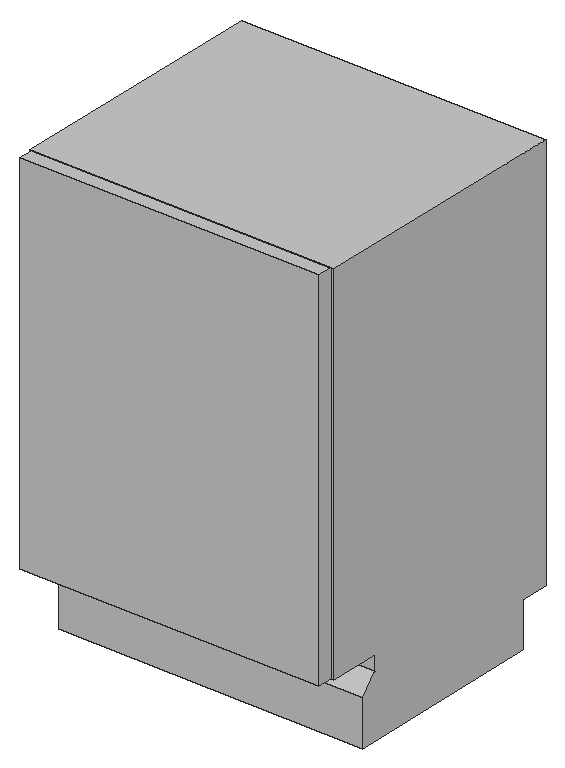
Revit family "DF480763F", category Generic Models, Revit 2014
Parameters (values of type "DF480763F")
  Width = 598 mm
  URL = "http://www.gaggenau.com."
  Model = "DF480763F"
  Manufacturer = "Gaggenau"
  Height = 877 mm
  Handle = Metal Panel
  Fridge = Metal Panel
  Door = Metal Panel
  Description = "Gaggenau 400 series push-to-open dishwasher, Euro tub, 8 programs, 3rd rack, soft-closing, back wall lighting, FLEXIBLE HINGE"
  Depth = 550 mm
Reference planes
  plane 1 "Center (Front/Back)": y = 0
  plane 2: z = 0
  plane 3 "Center (Left/Right)": x = 0
  plane 4: x = -299
  plane 5: x = 299
  plane 6: z = 877
  plane 7: z = 152
  plane 8: z = 89
  plane 9: z = 20
  plane 10: y = 275
  plane 11: y = -275
Forms (mm)
  Extrusion 1, solid, material "Metal Panel" <- "Fridge"
    sketch origin (0, 0, 0) x (0, 1, 0) y (0, 0, 1)
      loop
        line (275, 89) -> (275, 877) -> (-246.075, 877) -> (-246.075, 152) -> (-146.075, 152) -> (-146.075, 123.472) -> (-175, 89) -> (-175, 0) -> (220, 0) -> (220, 89) -> (275, 89)
    from -299 to 299
  Extrusion 2, solid, material "Metal Panel" <- "Door"
    sketch origin (0, 0, 0) x (0, 1, 0) y (0, 0, 1)
      loop
        line (-275, 877) -> (-275, 152) -> (-246.075, 152) -> (-246.075, 877) -> (-275, 877)
    from -295.471 to 293.529
Dimensions and locks
  "Width": plane 4 to plane 5
  equal spacing: plane 4, plane 3 "Center (Left/Right)", plane 5
  "Height": plane 6 to level
  plane 7 to plane 2 = 152 mm
  plane 6 to plane 7 = 725 mm
  equal spacing: plane 10, plane 1 "Center (Front/Back)", plane 11
  "Depth": plane 10 to plane 11
  aligned and locked: level to plane 2
  aligned and locked: plane 6 to Extrusion 2
Automatic sketch dimensions
  Extrusion 1 sketch curve to plane 6 = 0 mm
  Extrusion 1 sketch curve to plane 7 = 0 mm
  Extrusion 1 sketch curve to plane 8 = 0 mm  (x2)
  Extrusion 1 sketch curve to level = 0 mm
  Extrusion 1 sketch curve to plane 10 = 0 mm
  Extrusion 1 sketch curve to plane 10 = 55 mm
  plane 11 to Extrusion 1 sketch curve = 128.925 mm
  Extrusion 1 sketch curve to Extrusion 1 sketch curve = 28.925 mm
  plane 11 to Extrusion 1 sketch curve = 28.925 mm
  Extrusion 1 sketch curve to plane 7 = 28.528 mm
  Extrusion 2 sketch curve to plane 7 = 0 mm
  Extrusion 2 sketch curve to plane 11 = 0 mm
  plane 11 to Extrusion 2 sketch curve = 28.925 mm
  Extrusion 2 sketch curve to plane 6 = 0 mm
